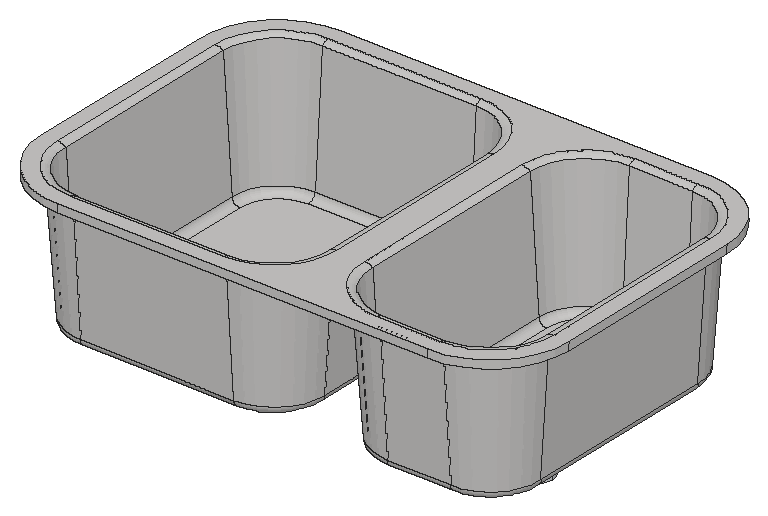
Revit family "Plum Fix_Sink_Argent_Tempo Main & 3-4 Bowls 670", category Plumbing Fixtures, Revit 2016
Family settings
  Part Type = Normal
  Round Connector Dimension = Use Diameter
  OmniClass Number = 23.45.05.14.14
  OmniClass Title = Sinks/Lavatories
  Work Plane-Based = No
  Always vertical = Yes
  Cut with Voids When Loaded = Yes
  Shared = No
  Room Calculation Point = No
Parameters (values of type "Top Mount")
  Waste Connection = yes
  WFU = 0
  Vent Connection = no
  URL = "https://www.argentaust.com.au/"
  Type Comments = "304 Stainless Steel Silk Mid Level Polish"
  ModifiedIssue_ANZRS = 20190503
  Body Material = z_Argent_Stainless Steel
  Right Sink = Manufacturer_Overall Width - 430 mm  # 240 mm
  Model = "KS3067220"  # constant formula
  Manufacturer_URL__Product Specific = "https://www.argentaust.com.au/argent-sinks-top-mount-no-drainer-tempo-670-1-34-sink?item=8611"
  Manufacturer_Spec Code = Model  # "KS3067220"
  Manufacturer_Overall Width = 670 mm  # constant formula
  Manufacturer_Overall Height = 180 mm  # constant formula
  Manufacturer_Overall Depth = 450 mm  # constant formula
  Manufacturer_Height From FFL [instance] = 900 mm
  Manufacturer = "Argent"  # constant formula
  Keynote = ""
  HWFU = 0
  HW Connection = no
  CreatedBy_ANZRS = "IGS BIM Solutions"  # constant formula
  CreatedByURL_ANZRS = "http://www.igsgroup.com.au"
  Description = "Low profile Edge, Silk Mid Level Polish, Top & Under Mount, Minimum Carcass Size 700, 26/17 Litre"  # constant formula
  Cost = 0
  CWFU = 0
  CW Connection = no
  Assembly Code = ""
Reference planes
  plane 1 "Center (Front/Back)": y = -132.5
  plane 2 "Ref. Level": z = 0
  plane 3 "Front": y = -357.5
  plane 4 "Back": y = 92.5
  plane 5 "Center (Left/Right)": x = -4.48
  plane 6 "Left": x = -339.48
  plane 7 "Right": x = 330.52
  plane 8 "Top": z = 905
  plane 9 "Back Offset": y = 72.5
  plane 10 "Front Offset": y = -337.5
  plane 11 "Left Offset": x = -319.48
  plane 12 "Right Offset": x = 310.52
  plane 13 "Bottom": z = 725
  plane 14 "Left Sink": x = 35.52
  plane 15 "Right Sink": x = 70.52
  plane 16 "Right Sink Centre": x = 190.52
  plane 17 "Left Sink Centre": x = -141.98
  plane 18: z = 900
Forms (mm)
  Extrusion 1, solid, material "z_Argent_Stainless Steel" <- "Body Material"
    sketch origin (-189.564, -1524, 100) x (-1, 0, 0) y (0, -1, 0)
      loop
        arc (49.916, -1616.5) -> (120.627, -1587.211) -> (149.916, -1516.5) r 100
        line (149.916, -1516.5) -> (149.916, -1266.5)
        arc (149.916, -1266.5) -> (120.627, -1195.789) -> (49.916, -1166.5) r 100
        line (49.916, -1166.5) -> (-420.084, -1166.5)
        arc (-420.084, -1166.5) -> (-490.795, -1195.789) -> (-520.084, -1266.5) r 100
        line (-520.084, -1266.5) -> (-520.084, -1516.5)
        arc (-520.084, -1516.5) -> (-490.795, -1587.211) -> (-420.084, -1616.5) r 100
        line (-420.084, -1616.5) -> (49.916, -1616.5)
      loop
        line (-420.084, -1596.5) -> (-340.084, -1596.5)
        arc (-340.084, -1596.5) -> (-283.515, -1573.069) -> (-260.084, -1516.5) r 80
        line (-260.084, -1516.5) -> (-260.084, -1266.5)
        arc (-260.084, -1266.5) -> (-283.515, -1209.931) -> (-340.084, -1186.5) r 80
        line (-340.084, -1186.5) -> (-420.084, -1186.5)
        arc (-420.084, -1186.5) -> (-476.653, -1209.931) -> (-500.084, -1266.5) r 80
        line (-500.084, -1266.5) -> (-500.084, -1516.5)
        arc (-500.084, -1516.5) -> (-476.653, -1573.069) -> (-420.084, -1596.5) r 80
      loop
        arc (49.916, -1596.5) -> (106.485, -1573.069) -> (129.916, -1516.5) r 80
        line (129.916, -1516.5) -> (129.916, -1266.5)
        arc (129.916, -1266.5) -> (106.485, -1209.931) -> (49.916, -1186.5) r 80
        line (49.916, -1186.5) -> (-145.084, -1186.5)
        arc (-145.084, -1186.5) -> (-201.653, -1209.931) -> (-225.084, -1266.5) r 80
        line (-225.084, -1266.5) -> (-225.084, -1516.5)
        arc (-225.084, -1516.5) -> (-201.653, -1573.069) -> (-145.084, -1596.5) r 80
        line (-145.084, -1596.5) -> (49.916, -1596.5)
    from 795 to 805
  Sweep 2, solid, material "z_Argent_Stainless Steel" <- "Body Material"
    path origin (-218.54, -1524, 725) x (-1, 0, 0) y (0, -1, 0)
      loop
        arc (100.94, -1266.5) -> (77.508, -1209.931) -> (20.94, -1186.5) r 80
        line (20.94, -1186.5) -> (-174.06, -1186.5)
        arc (-174.06, -1186.5) -> (-230.629, -1209.931) -> (-254.06, -1266.5) r 80
        line (-254.06, -1266.5) -> (-254.06, -1516.5)
        arc (-254.06, -1516.5) -> (-230.629, -1573.069) -> (-174.06, -1596.5) r 80
        line (-174.06, -1596.5) -> (20.94, -1596.5)
        arc (20.94, -1596.5) -> (77.508, -1573.069) -> (100.94, -1516.5) r 80
        line (100.94, -1516.5) -> (100.94, -1266.5)
    profile origin (-319.48, -132.5, 725) x (-1, 0, 0) y (0, 0, 1)
      loop
        line (4.663, 170) -> (15, 170) -> (15, 180) -> (0, 180)
        arc (0, 180) -> (-5.337, 179.018) -> (-9.976, 176.202) r 15
        line (-9.976, 176.202) -> (-20.912, 14.302)
        arc (-20.912, 14.302) -> (-24.068, 7.686) -> (-30.887, 5) r 10
        line (-30.887, 5) -> (-40, 5) -> (-40, 0) -> (-26.225, 0)
        arc (-26.225, 0) -> (-19.405, 2.686) -> (-16.249, 9.302) r 10
        line (-16.249, 9.302) -> (-5.313, 160.698)
        arc (-5.313, 160.698) -> (-2.157, 167.314) -> (4.663, 170) r 10
  Sweep 3, solid, material "z_Argent_Stainless Steel" <- "Body Material"
    path origin (289.58, -1524, 725) x (1, 0, 0) y (0, 1, 0)
      loop
        line (20.94, 1266.5) -> (20.94, 1516.5)
        arc (20.94, 1516.5) -> (-2.492, 1573.069) -> (-59.06, 1596.5) r 80
        line (-59.06, 1596.5) -> (-139.06, 1596.5)
        arc (-139.06, 1596.5) -> (-195.629, 1573.069) -> (-219.06, 1516.5) r 80
        line (-219.06, 1516.5) -> (-219.06, 1266.5)
        arc (-219.06, 1266.5) -> (-195.629, 1209.931) -> (-139.06, 1186.5) r 80
        line (-139.06, 1186.5) -> (-59.06, 1186.5)
        arc (-59.06, 1186.5) -> (-2.492, 1209.931) -> (20.94, 1266.5) r 80
    profile origin (310.52, -132.5, 725) x (-1, 0, 0) y (0, 0, 1)
      loop
        arc (-4.663, 170) -> (2.157, 167.314) -> (5.313, 160.698) r 10
        line (5.313, 160.698) -> (16.249, 9.302)
        arc (16.249, 9.302) -> (19.405, 2.686) -> (26.225, 0) r 10
        line (26.225, 0) -> (40, 0) -> (40, 5) -> (30.887, 5)
        arc (30.887, 5) -> (24.068, 7.686) -> (20.912, 14.302) r 10
        line (20.912, 14.302) -> (9.976, 176.202)
        arc (9.976, 176.202) -> (5.337, 179.018) -> (0, 180) r 15
        line (0, 180) -> (-15, 180) -> (-15, 170) -> (-4.663, 170)
  Extrusion 4, solid, material "z_Argent_Stainless Steel" <- "Body Material"
    sketch origin (-218.54, -1524, 725) x (-1, 0, 0) y (0, -1, 0)
      loop
        arc (60.94, -1266.5) -> (49.224, -1238.216) -> (20.94, -1226.5) r 40
        line (20.94, -1226.5) -> (-174.06, -1226.5)
        arc (-174.06, -1226.5) -> (-202.345, -1238.216) -> (-214.06, -1266.5) r 40
        line (-214.06, -1266.5) -> (-214.06, -1516.5)
        arc (-214.06, -1516.5) -> (-202.345, -1544.784) -> (-174.06, -1556.5) r 40
        line (-174.06, -1556.5) -> (20.94, -1556.5)
        arc (20.94, -1556.5) -> (49.224, -1544.784) -> (60.94, -1516.5) r 40
        line (60.94, -1516.5) -> (60.94, -1266.5)
      loop
        circle (-76.56, -1391.5) r 45
    from 0 to 5
  Extrusion 5, solid, material "z_Argent_Stainless Steel" <- "Body Material"
    sketch origin (-218.54, -1524, 725) x (-1, 0, 0) y (0, -1, 0)
      loop
        arc (-329.06, -1266.5) -> (-340.776, -1238.216) -> (-369.06, -1226.5) r 40
        line (-369.06, -1226.5) -> (-449.06, -1226.5)
        arc (-449.06, -1226.5) -> (-477.345, -1238.216) -> (-489.06, -1266.5) r 40
        line (-489.06, -1266.5) -> (-489.06, -1516.5)
        arc (-489.06, -1516.5) -> (-477.345, -1544.784) -> (-449.06, -1556.5) r 40
        line (-449.06, -1556.5) -> (-369.06, -1556.5)
        arc (-369.06, -1556.5) -> (-340.776, -1544.784) -> (-329.06, -1516.5) r 40
        line (-329.06, -1516.5) -> (-329.06, -1266.5)
      loop
        circle (-409.06, -1391.5) r 45
    from 0 to 5
  Extrusion 6, void
    sketch origin (-189.564, -1524, 0) x (-1, 0, 0) y (0, -1, 0)
      loop
        arc (49.916, -1606.5) -> (113.556, -1580.14) -> (139.916, -1516.5) r 90
        line (139.916, -1516.5) -> (139.916, -1266.5)
        arc (139.916, -1266.5) -> (113.556, -1202.86) -> (49.916, -1176.5) r 90
        line (49.916, -1176.5) -> (-420.084, -1176.5)
        arc (-420.084, -1176.5) -> (-483.724, -1202.86) -> (-510.084, -1266.5) r 90
        line (-510.084, -1266.5) -> (-510.084, -1516.5)
        arc (-510.084, -1516.5) -> (-483.724, -1580.14) -> (-420.084, -1606.5) r 90
        line (-420.084, -1606.5) -> (49.916, -1606.5)
    from 716.531 to 945.399
Cuts and joins
  joined: Extrusion 1, Sweep 2, Sweep 3, Extrusion 4, Extrusion 5
Lines and regions (mm)
  Masking region 1
    outline origin (0, 0, 905) x (0, -1, 0) y (1, 0, 0)
      loop
        line (7.5, -339.48) -> (257.5, -339.48)
        arc (257.5, -339.48) -> (328.211, -310.191) -> (357.5, -239.48) r 100
        line (357.5, -239.48) -> (357.5, 230.52)
        arc (357.5, 230.52) -> (328.211, 301.231) -> (257.5, 330.52) r 100
        line (257.5, 330.52) -> (7.5, 330.52)
        arc (7.5, 330.52) -> (-63.211, 301.231) -> (-92.5, 230.52) r 100
        line (-92.5, 230.52) -> (-92.5, -239.48)
        arc (-92.5, -239.48) -> (-63.211, -310.191) -> (7.5, -339.48) r 100
  Masking region 2
    outline origin (-4.48, 0, 0) x (0, 1, 0) y (0, 0, 1)
      loop
        line (-311.256, 725) -> (46.256, 725)
        arc (46.256, 725) -> (53.076, 727.686) -> (56.232, 734.302) r 10
        line (56.232, 734.302) -> (67.168, 890.698)
        arc (67.168, 890.698) -> (70.324, 897.314) -> (77.144, 900) r 10
        line (77.144, 900) -> (92.5, 900) -> (92.5, 905) -> (-357.5, 905) -> (-357.5, 900) -> (-342.144, 900)
        arc (-342.144, 900) -> (-335.324, 897.314) -> (-332.168, 890.698) r 10
        line (-332.168, 890.698) -> (-321.232, 734.302)
        arc (-321.232, 734.302) -> (-318.076, 727.686) -> (-311.256, 725) r 10
  Masking region 3
    outline origin (0, -357.5, 0) x (-1, 0, 0) y (0, 0, 1)
      loop
        arc (314.169, 885.698) -> (317.324, 892.314) -> (324.144, 895) r 10
        line (324.144, 895) -> (339.48, 895) -> (339.48, 905) -> (-330.52, 905) -> (-330.52, 895) -> (-315.184, 895)
        arc (-315.184, 895) -> (-308.364, 892.314) -> (-305.209, 885.698) r 10
        line (-305.209, 885.698) -> (-294.273, 734.302)
        arc (-294.273, 734.302) -> (-291.117, 727.686) -> (-284.297, 725) r 10
        line (-284.297, 725) -> (-96.743, 725)
        arc (-96.743, 725) -> (-89.923, 727.686) -> (-86.768, 734.302) r 10
        line (-86.768, 734.302) -> (-75.831, 885.698)
        arc (-75.831, 885.698) -> (-72.676, 892.314) -> (-65.856, 895) r 10
        line (-65.856, 895) -> (-40.184, 895)
        arc (-40.184, 895) -> (-33.364, 892.314) -> (-30.209, 885.698) r 10
        line (-30.209, 885.698) -> (-19.273, 734.302)
        arc (-19.273, 734.302) -> (-16.117, 727.686) -> (-9.297, 725) r 10
        line (-9.297, 725) -> (293.257, 725)
        arc (293.257, 725) -> (300.077, 727.686) -> (303.232, 734.302) r 10
        line (303.232, 734.302) -> (314.169, 885.698)
  symbolic lines, style "Sinks/Lavatories", detail levels medium+fine
    curve 1: arc (-319.48, -7.5, 905) -> (-296.049, 49.069, 905) -> (-239.48, 72.5, 905) r 80
    curve 2: line (-239.48, 72.5, 905) -> (-44.48, 72.5, 905)
    curve 3: line (35.52, -7.5, 905) -> (35.52, -257.5, 905)
    curve 4: line (-44.48, -337.5, 905) -> (-239.48, -337.5, 905)
    curve 5: arc (-239.48, -337.5, 905) -> (-296.049, -314.069, 905) -> (-319.48, -257.5, 905) r 80
    curve 6: line (-319.48, -257.5, 905) -> (-319.48, -7.5, 905)
    curve 7: arc (70.52, -7.5, 905) -> (93.951, 49.069, 905) -> (150.52, 72.5, 905) r 80
    curve 8: line (150.52, 72.5, 905) -> (230.52, 72.5, 905)
    curve 9: arc (230.52, 72.5, 905) -> (287.089, 49.069, 905) -> (310.52, -7.5, 905) r 80
    curve 10: line (310.52, -7.5, 905) -> (310.52, -257.5, 905)
    curve 11: arc (310.52, -257.5, 905) -> (287.089, -314.069, 905) -> (230.52, -337.5, 905) r 80
    curve 12: line (230.52, -337.5, 905) -> (150.52, -337.5, 905)
    curve 13: arc (150.52, -337.5, 905) -> (93.951, -314.069, 905) -> (70.52, -257.5, 905) r 80
    curve 14: line (70.52, -257.5, 905) -> (70.52, -7.5, 905)
    curve 15: line (-339.48, -357.5, 905) -> (330.52, -357.5, 905)
    curve 16: line (-339.48, -357.5, 900) -> (-339.48, -357.5, 905)
    curve 17: line (330.52, -357.5, 900) -> (-339.48, -357.5, 900)
    curve 18: line (330.52, -357.5, 905) -> (330.52, -357.5, 900)
    curve 19: line (-4.48, -357.5, 905) -> (-4.48, 92.5, 905)
    curve 20: line (-4.48, -357.5, 900) -> (-4.48, -357.5, 905)
    curve 21: line (-4.48, 92.5, 900) -> (-4.48, -357.5, 900)
    curve 22: line (-4.48, 92.5, 905) -> (-4.48, 92.5, 900)
    curve 23: arc (35.52, -7.5, 905) -> (12.089, 49.069, 905) -> (-44.48, 72.5, 905) r 80
    curve 24: arc (-44.48, -337.5, 905) -> (12.089, -314.069, 905) -> (35.52, -257.5, 905) r 80
Text (mm)
  text "Disclaimer:\n\nDue to ongoing product development and manufacturing evolution, product details are subject to change without notice. Please refer to product technical data sheets on the manufacturer’s website for the most current product information. Please allow a +/- 5mm manufacturing tolerance for dimensions and set-outs shown in product literature." at (474.582, 18.661, 0), in view "Ref. Level_Instruction"
Dimensions and locks
  equal spacing: plane 3 "Front", plane 1 "Center (Front/Back)", plane 4 "Back"
  equal spacing: plane 6 "Left", plane 5 "Center (Left/Right)", plane 7 "Right"
  "Manufacturer_Overall Depth": plane 3 "Front" to plane 4 "Back"
  "Manufacturer_Overall Width": plane 6 "Left" to plane 7 "Right"
  "Manufacturer_Height From FFL": plane 18 to plane 2 "Ref. Level"
  locked: plane 6 "Left" to plane 11 "Left Offset" at 20
  locked: plane 12 "Right Offset" to plane 7 "Right" at 20
  locked: plane 9 "Back Offset" to plane 4 "Back" at 20
  locked: plane 3 "Front" to plane 10 "Front Offset" at 20
  "Manufacturer_Overall Height": plane 8 "Top" to plane 13 "Bottom"
  locked: plane 14 "Left Sink" to plane 15 "Right Sink" at 35
  "Right Sink": plane 15 "Right Sink" to plane 12 "Right Offset"
  equal spacing: Extrusion 4 sketch curve, Extrusion 4 sketch curve, Extrusion 4 sketch curve
  equal spacing: Extrusion 5 sketch curve, Extrusion 5 sketch curve, Extrusion 5 sketch curve
  plane 11 "Left Offset" to plane 14 "Left Sink" = 355 mm
  equal spacing: plane 11 "Left Offset", plane 17 "Left Sink Centre", plane 14 "Left Sink"
  equal spacing: plane 15 "Right Sink", plane 16 "Right Sink Centre", plane 12 "Right Offset"
  locked: plane 8 "Top" to plane 18 at 5
  radius of Extrusion 1 sketch curve = 80 mm  (x8)
  aligned and locked: plane 4 "Back" to Extrusion 1 sketch curve
  aligned and locked: plane 6 "Left" to Extrusion 1 sketch curve
  aligned and locked: Extrusion 1 sketch curve to plane 3 "Front"
  aligned and locked: plane 7 "Right" to Extrusion 1 sketch curve
  aligned and locked: Extrusion 1 sketch curve to plane 11 "Left Offset"
  aligned and locked: plane 9 "Back Offset" to Extrusion 1 sketch curve  (x2)
  aligned and locked: Extrusion 1 sketch curve to plane 10 "Front Offset"  (x2)
  aligned and locked: plane 12 "Right Offset" to Extrusion 1 sketch curve
  aligned and locked: plane 8 "Top" to Extrusion 1
  aligned and locked: Sweep 2 sketch curve to Extrusion 1  (x4)
  aligned and locked: plane 14 "Left Sink" to Extrusion 1 sketch curve
  aligned and locked: plane 15 "Right Sink" to Extrusion 1 sketch curve
  aligned and locked: Extrusion 4 to plane 13 "Bottom"
  aligned and locked: plane 3 "Front" to Masking region 2 sketch curve
  aligned and locked: plane 4 "Back" to Masking region 2 sketch curve
  aligned and locked: Extrusion 5 sketch curve to cut or joined group of Extrusion 1, Sweep 2, Sweep 3, Extrusion 4, Extrusion 5  (x2)
  aligned and locked: Extrusion 4 sketch curve to Sweep 2  (x3)
  aligned and locked: Masking region 1 sketch curve to cut or joined group of Extrusion 1, Sweep 2, Sweep 3, Extrusion 4, Extrusion 5  (x2)
  aligned and locked: Masking region 3 sketch curve to plane 13 "Bottom"
  aligned and locked: Masking region 3 sketch curve to cut or joined group of Extrusion 1, Sweep 2, Sweep 3, Extrusion 4, Extrusion 5  (x3)
  aligned and locked: Masking region 3 sketch curve to curve 18
  aligned and locked: cut or joined group of Extrusion 1, Sweep 2, Sweep 3, Extrusion 4, Extrusion 5 to Masking region 3 sketch curve  (x2)
  aligned and locked: Masking region 3 sketch curve to plane 6 "Left"
  aligned and locked: Sweep 2 sketch curve to cut or joined group of Extrusion 1, Sweep 2, Sweep 3, Extrusion 4, Extrusion 5  (x2)
  aligned and locked: cut or joined group of Extrusion 1, Sweep 2, Sweep 3, Extrusion 4, Extrusion 5 to Sweep 3 sketch curve  (x2)
  aligned and locked: cut or joined group of Extrusion 1, Sweep 2, Sweep 3, Extrusion 4, Extrusion 5 to nested 1
  aligned and locked: plane 16 "Right Sink Centre" to nested 1
  aligned and locked: plane 1 "Center (Front/Back)" to nested 1
  aligned and locked: plane 17 "Left Sink Centre" to nested 2
  aligned and locked: nested 2 to nested 1
  aligned and locked: plane 18 to curve 17
Automatic sketch dimensions
  Extrusion 1 sketch curve to Extrusion 1 sketch curve = 0 mm  (x4)
  Sweep 3 sketch curve to plane 15 "Right Sink" = 0 mm
  Sweep 3 sketch curve to plane 10 "Front Offset" = 0 mm
  Sweep 3 sketch curve to plane 9 "Back Offset" = 0 mm
  Sweep 3 sketch curve to plane 12 "Right Offset" = 0 mm
  Sweep 3 sketch curve to Sweep 3 sketch curve = 80 mm  (x2)
  Sweep 3 sketch curve to plane 15 "Right Sink" = 80 mm
  Sweep 3 sketch curve to plane 9 "Back Offset" = 80 mm
  plane 7 "Right" to curve 15 = 0 mm
  curve 17 to plane 6 "Left" = 0 mm
  curve 16 to plane 8 "Top" = 0 mm
  curve 21 to plane 3 "Front" = 0 mm
  curve 21 to plane 4 "Back" = 0 mm
  curve 20 to plane 8 "Top" = 0 mm
  curve 22 to plane 8 "Top" = 5 mm
  curve 8 to plane 9 "Back Offset" = 0 mm
  curve 1 to plane 9 "Back Offset" = 0 mm
  curve 14 to plane 15 "Right Sink" = 0 mm
  curve 23 to plane 14 "Left Sink" = 0 mm
  curve 9 to plane 12 "Right Offset" = 0 mm
  curve 6 to plane 11 "Left Offset" = 0 mm
  curve 12 to plane 10 "Front Offset" = 0 mm
  curve 5 to plane 10 "Front Offset" = 0 mm
  curve 23 to plane 5 "Center (Left/Right)" = 40 mm
  curve 3 to curve 14 = 0 mm
  curve 6 to plane 9 "Back Offset" = 80 mm
  curve 10 to plane 9 "Back Offset" = 80 mm
  plane 10 "Front Offset" to curve 14 = 80 mm
  curve 3 to curve 13 = 0 mm
  plane 16 "Right Sink Centre" to curve 11 = 40 mm
  plane 10 "Front Offset" to curve 5 = 80 mm
  Sweep 2 sketch curve to plane 13 "Bottom" = 0 mm
  Sweep 2 sketch curve to profile plane = 0 mm
  profile plane to Sweep 2 sketch curve = 5.313 mm
  Sweep 2 sketch curve to Sweep 2 sketch curve = 4.663 mm  (x3)
  plane 13 "Bottom" to Sweep 2 sketch curve = 9.302 mm
  profile plane to Sweep 2 sketch curve = 16.249 mm
  Sweep 2 sketch curve to Sweep 2 sketch curve = 5.313 mm
  plane 13 "Bottom" to Sweep 2 sketch curve = 5 mm
  Sweep 2 sketch curve to Sweep 2 sketch curve = 9.113 mm
  Sweep 2 sketch curve to profile plane = 4.663 mm
  Sweep 2 sketch curve to Sweep 2 sketch curve = 10.337 mm
  Sweep 2 sketch curve to Sweep 2 sketch curve = 4.302 mm  (x2)
  Sweep 2 sketch curve to Sweep 2 sketch curve = 10 mm
  Sweep 3 sketch curve to profile plane = 0 mm
  Sweep 3 sketch curve to plane 13 "Bottom" = 0 mm
  profile plane to Sweep 3 sketch curve = 4.663 mm
  Sweep 3 sketch curve to Sweep 3 sketch curve = 10.337 mm
  Sweep 3 sketch curve to profile plane = 5.313 mm
  Sweep 3 sketch curve to Sweep 3 sketch curve = 4.663 mm  (x3)
  plane 13 "Bottom" to Sweep 3 sketch curve = 9.302 mm
  Sweep 3 sketch curve to profile plane = 16.249 mm
  Sweep 3 sketch curve to Sweep 3 sketch curve = 5.313 mm
  Sweep 3 sketch curve to Sweep 3 sketch curve = 9.113 mm
  plane 13 "Bottom" to Sweep 3 sketch curve = 5 mm
  Sweep 3 sketch curve to Sweep 3 sketch curve = 4.302 mm  (x2)
  Sweep 3 sketch curve to Sweep 3 sketch curve = 10 mm
  plane 1 "Center (Front/Back)" to Extrusion 4 sketch curve = 0 mm
  Extrusion 4 sketch curve to Extrusion 4 sketch curve = 40 mm  (x2)
  plane 1 "Center (Front/Back)" to Extrusion 5 sketch curve = 0 mm
  plane 16 "Right Sink Centre" to Extrusion 5 sketch curve = 40 mm  (x2)
  Extrusion 5 sketch curve to plane 16 "Right Sink Centre" = 40 mm
  Extrusion 5 sketch curve to Extrusion 5 sketch curve = 40 mm
  Extrusion 5 sketch curve to plane 9 "Back Offset" = 80 mm
  plane 10 "Front Offset" to Extrusion 5 sketch curve = 80 mm
  Masking region 2 sketch curve to plane 13 "Bottom" = 0 mm
  Masking region 2 sketch curve to plane 8 "Top" = 0 mm
  Masking region 2 sketch curve to plane 10 "Front Offset" = 4.644 mm
  plane 10 "Front Offset" to Masking region 2 sketch curve = 5.332 mm
  plane 13 "Bottom" to Masking region 2 sketch curve = 9.302 mm  (x2)
  plane 10 "Front Offset" to Masking region 2 sketch curve = 16.268 mm
  Masking region 2 sketch curve to Masking region 2 sketch curve = 9.976 mm  (x2)
  Masking region 2 sketch curve to plane 9 "Back Offset" = 26.244 mm
  Masking region 2 sketch curve to plane 9 "Back Offset" = 5.332 mm
  plane 9 "Back Offset" to Masking region 2 sketch curve = 4.644 mm
  Masking region 2 sketch curve to plane 8 "Top" = 15 mm  (x2)
  Masking region 2 sketch curve to Masking region 2 sketch curve = 0.698 mm  (x2)
  plane 12 "Right Offset" to Masking region 3 sketch curve = 4.664 mm
  Masking region 3 sketch curve to plane 12 "Right Offset" = 5.311 mm
  plane 13 "Bottom" to Masking region 3 sketch curve = 9.302 mm  (x4)
  Masking region 3 sketch curve to plane 12 "Right Offset" = 16.248 mm
  Masking region 3 sketch curve to Masking region 3 sketch curve = 9.976 mm  (x3)
  plane 13 "Bottom" to Masking region 3 sketch curve = 10 mm
  Masking region 3 sketch curve to plane 15 "Right Sink" = 26.223 mm
  Masking region 3 sketch curve to plane 15 "Right Sink" = 5.311 mm
  plane 15 "Right Sink" to Masking region 3 sketch curve = 4.664 mm
  Masking region 3 sketch curve to plane 14 "Left Sink" = 4.664 mm
  plane 14 "Left Sink" to Masking region 3 sketch curve = 5.311 mm
  plane 14 "Left Sink" to Masking region 3 sketch curve = 16.248 mm
  plane 11 "Left Offset" to Masking region 3 sketch curve = 26.223 mm
  plane 11 "Left Offset" to Masking region 3 sketch curve = 5.311 mm
  Masking region 3 sketch curve to plane 11 "Left Offset" = 4.664 mm
  Masking region 3 sketch curve to Masking region 3 sketch curve = 10 mm  (x4)
  plane 4 "Back" to Masking region 1 sketch curve = 0 mm
  plane 3 "Front" to Masking region 1 sketch curve = 0 mm
  Masking region 1 sketch curve to plane 9 "Back Offset" = 80 mm
  plane 16 "Right Sink Centre" to Masking region 1 sketch curve = 40 mm  (x2)
  plane 10 "Front Offset" to Masking region 1 sketch curve = 80 mm
  plane 7 "Right" to Extrusion 6 sketch curve = 10 mm
  plane 11 "Left Offset" to Extrusion 6 sketch curve = 80 mm
  plane 6 "Left" to Extrusion 6 sketch curve = 10 mm
  Extrusion 6 sketch curve to plane 9 "Back Offset" = 80 mm
  plane 4 "Back" to Extrusion 6 sketch curve = 10 mm
  plane 16 "Right Sink Centre" to Extrusion 6 sketch curve = 40 mm  (x2)
  Extrusion 6 sketch curve to plane 3 "Front" = 10 mm
  radius of Extrusion 4 sketch curve = 45 mm
  radius of Extrusion 5 sketch curve = 45 mm
Nested families
  nested 1: "z.PlumFix_Waste_90mm Basket" at (195, -166.5, 550.092), type "90x50 Basket Waste 50mm Long STD", detail levels medium+fine
    with Manufacturer_Height From FFL 100 mm, ModifiedIssue_ANZRS 20190503
  nested 2: "z.PlumFix_Waste_90mm Basket" at (-137.5, -166.5, 550.092), type "90x50 Basket Waste 50mm Long STD", detail levels medium+fine
    with Manufacturer_Height From FFL 100 mm, ModifiedIssue_ANZRS 20190503
Connectors
  piping at (-141.98, -132.5, 650.092), diameter 50, driven by "Waste Connection"
    settings: on nested 2, index 3, connector inside diameter 609.6 mm, connector length 0 mm, flow factor 0, pipe flow 0.000 L/s, pressure drop 0.0 Pa, fitting loss kfactor 0, connector angle 0.00°, fixture units 0, engagement length 0 mm, angle of deflection 0.00°, flow configuration 2, flow direction 2, fitting loss method 4, system type 16, joint type 0, gender type 0, connector reference index -1, connector utility 1, adjustable connector no, is connector primary yes, connector description "Waste Outlet"
  piping at (190.52, -132.5, 650.092), diameter 50, driven by "Waste Connection"
    settings: on nested 1, index 4, connector inside diameter 609.6 mm, connector length 0 mm, flow factor 0, pipe flow 0.000 L/s, pressure drop 0.0 Pa, fitting loss kfactor 0, connector angle 0.00°, fixture units 0, engagement length 0 mm, angle of deflection 0.00°, flow configuration 2, flow direction 2, fitting loss method 4, system type 16, joint type 0, gender type 0, connector reference index -1, connector utility 1, adjustable connector no, is connector primary no, connector description "Waste Outlet"
Definition of nested family "z.PlumFix_Waste_90mm Basket"
  Parameters (values of type "90x50 Basket Waste 50mm Long STD")
    Waste Connection = yes
    WFU = 0
    Vent Connection = no
    URL = "https://www.argentaust.com.au/"
    Type Comments = ""
    ModifiedIssue_ANZRS = 20180826
    Body Material = none
    Outlet Dia = 50.00 mm
    Model = ""
    Manufacturer_Overall Width = 117 mm  # constant formula
    Manufacturer_Overall Height = 87 mm  # constant formula
    Manufacturer_Overall Depth = 117 mm  # constant formula
    Manufacturer_Height From FFL [instance] = 0 mm
    Manufacturer = "Argent"  # constant formula
    Keynote = ""
    HWFU = 0
    HW Connection = no
    CreatedBy_ANZRS = "IGS BIM Solutions"  # constant formula
    CreatedByURL_ANZRS = "https://www.igsgroup.com.au"
    Cover Material = none
    Description = ""
    Cost = 0
    CWFU = 0
    CW Connection = yes
    Assembly Code = ""
  Reference planes
    plane 1 "Center (Front/Back)": y = 34
    plane 2 "Ref. Level": z = 0
    plane 3 "Front": y = -24.5
    plane 4 "Back": y = 92.5
    plane 5 "Center (Left/Right)": x = -4.48
    plane 6 "Left": x = -62.98
    plane 7 "Right": x = 54.02
    plane 8 "Bottom": z = 0
    plane 9 "STD Right": x = 20.52
    plane 10 "STD Left": x = -29.48
    plane 11 "Top": z = 87
    plane 12 "Sink Ref": z = 79.908
  Forms (mm)
    Revolve 1, solid, material <- "Body Material"
      sketch origin (0, 34, 100) x (1, 0, 0) y (0, 0, 1)
        loop
          arc (34.63, -20.327) -> (26.071, -24.672) -> (16.551, -25.902) r 28.271
          arc (16.551, -25.902) -> (14.984, -26.145) -> (13.63, -26.97) r 4.064
          line (13.63, -26.97) -> (13.63, -28.561)
          arc (13.63, -28.561) -> (14.83, -27.317) -> (16.509, -26.901) r 3.127
          arc (16.509, -26.901) -> (26.012, -25.734) -> (34.63, -21.562) r 29.271
          line (34.63, -21.562) -> (34.63, -20.327)
        axis (-4.48, -20.327) -> (-4.48, -28.561)
      angle from 2 to 16
    Revolve 2, solid, material <- "Body Material"
      sketch origin (0, 34, 100) x (1, 0, 0) y (0, 0, 1)
        loop
          arc (34.63, -20.327) -> (26.071, -24.672) -> (16.551, -25.902) r 28.271
          arc (16.551, -25.902) -> (14.984, -26.145) -> (13.63, -26.97) r 4.064
          line (13.63, -26.97) -> (13.63, -28.561)
          arc (13.63, -28.561) -> (14.83, -27.317) -> (16.509, -26.901) r 3.127
          arc (16.509, -26.901) -> (26.012, -25.734) -> (34.63, -21.562) r 29.271
          line (34.63, -21.562) -> (34.63, -20.327)
        axis (-4.48, -20.327) -> (-4.48, -28.561)
      angle from 20 to 34
    Revolve 3, solid, material <- "Body Material"
      sketch origin (0, 34, 100) x (1, 0, 0) y (0, 0, 1)
        loop
          arc (34.63, -20.327) -> (26.071, -24.672) -> (16.551, -25.902) r 28.271
          arc (16.551, -25.902) -> (14.984, -26.145) -> (13.63, -26.97) r 4.064
          line (13.63, -26.97) -> (13.63, -28.561)
          arc (13.63, -28.561) -> (14.83, -27.317) -> (16.509, -26.901) r 3.127
          arc (16.509, -26.901) -> (26.012, -25.734) -> (34.63, -21.562) r 29.271
          line (34.63, -21.562) -> (34.63, -20.327)
        axis (-4.48, -20.327) -> (-4.48, -28.561)
      angle from 38 to 52
    Revolve 4, solid, material <- "Body Material"
      sketch origin (0, 34, 100) x (1, 0, 0) y (0, 0, 1)
        loop
          arc (34.63, -20.327) -> (26.071, -24.672) -> (16.551, -25.902) r 28.271
          arc (16.551, -25.902) -> (14.984, -26.145) -> (13.63, -26.97) r 4.064
          line (13.63, -26.97) -> (13.63, -28.561)
          arc (13.63, -28.561) -> (14.83, -27.317) -> (16.509, -26.901) r 3.127
          arc (16.509, -26.901) -> (26.012, -25.734) -> (34.63, -21.562) r 29.271
          line (34.63, -21.562) -> (34.63, -20.327)
        axis (-4.48, -20.327) -> (-4.48, -28.561)
      angle from 56 to 70
    Revolve 5, solid, material <- "Body Material"
      sketch origin (0, 34, 100) x (1, 0, 0) y (0, 0, 1)
        loop
          arc (34.63, -20.327) -> (26.071, -24.672) -> (16.551, -25.902) r 28.271
          arc (16.551, -25.902) -> (14.984, -26.145) -> (13.63, -26.97) r 4.064
          line (13.63, -26.97) -> (13.63, -28.561)
          arc (13.63, -28.561) -> (14.83, -27.317) -> (16.509, -26.901) r 3.127
          arc (16.509, -26.901) -> (26.012, -25.734) -> (34.63, -21.562) r 29.271
          line (34.63, -21.562) -> (34.63, -20.327)
        axis (-4.48, -20.327) -> (-4.48, -28.561)
      angle from 74 to 88
    Revolve 6, solid, material <- "Body Material"
      sketch origin (0, 34, 100) x (1, 0, 0) y (0, 0, 1)
        loop
          arc (34.63, -20.327) -> (26.071, -24.672) -> (16.551, -25.902) r 28.271
          arc (16.551, -25.902) -> (14.984, -26.145) -> (13.63, -26.97) r 4.064
          line (13.63, -26.97) -> (13.63, -28.561)
          arc (13.63, -28.561) -> (14.83, -27.317) -> (16.509, -26.901) r 3.127
          arc (16.509, -26.901) -> (26.012, -25.734) -> (34.63, -21.562) r 29.271
          line (34.63, -21.562) -> (34.63, -20.327)
        axis (-4.48, -20.327) -> (-4.48, -28.561)
      angle from 92 to 106
    Revolve 7, solid, material <- "Body Material"
      sketch origin (0, 34, 100) x (1, 0, 0) y (0, 0, 1)
        loop
          arc (34.63, -20.327) -> (26.071, -24.672) -> (16.551, -25.902) r 28.271
          arc (16.551, -25.902) -> (14.984, -26.145) -> (13.63, -26.97) r 4.064
          line (13.63, -26.97) -> (13.63, -28.561)
          arc (13.63, -28.561) -> (14.83, -27.317) -> (16.509, -26.901) r 3.127
          arc (16.509, -26.901) -> (26.012, -25.734) -> (34.63, -21.562) r 29.271
          line (34.63, -21.562) -> (34.63, -20.327)
        axis (-4.48, -20.327) -> (-4.48, -28.561)
      angle from 110 to 124
    Revolve 8, solid, material <- "Body Material"
      sketch origin (0, 34, 100) x (1, 0, 0) y (0, 0, 1)
        loop
          arc (34.63, -20.327) -> (26.071, -24.672) -> (16.551, -25.902) r 28.271
          arc (16.551, -25.902) -> (14.984, -26.145) -> (13.63, -26.97) r 4.064
          line (13.63, -26.97) -> (13.63, -28.561)
          arc (13.63, -28.561) -> (14.83, -27.317) -> (16.509, -26.901) r 3.127
          arc (16.509, -26.901) -> (26.012, -25.734) -> (34.63, -21.562) r 29.271
          line (34.63, -21.562) -> (34.63, -20.327)
        axis (-4.48, -20.327) -> (-4.48, -28.561)
      angle from 128 to 142
    Revolve 9, solid, material <- "Body Material"
      sketch origin (0, 34, 100) x (1, 0, 0) y (0, 0, 1)
        loop
          arc (34.63, -20.327) -> (26.071, -24.672) -> (16.551, -25.902) r 28.271
          arc (16.551, -25.902) -> (14.984, -26.145) -> (13.63, -26.97) r 4.064
          line (13.63, -26.97) -> (13.63, -28.561)
          arc (13.63, -28.561) -> (14.83, -27.317) -> (16.509, -26.901) r 3.127
          arc (16.509, -26.901) -> (26.012, -25.734) -> (34.63, -21.562) r 29.271
          line (34.63, -21.562) -> (34.63, -20.327)
        axis (-4.48, -20.327) -> (-4.48, -28.561)
      angle from 146 to 160
    Revolve 10, solid, material <- "Body Material"
      sketch origin (0, 34, 100) x (1, 0, 0) y (0, 0, 1)
        loop
          arc (34.63, -20.327) -> (26.071, -24.672) -> (16.551, -25.902) r 28.271
          arc (16.551, -25.902) -> (14.984, -26.145) -> (13.63, -26.97) r 4.064
          line (13.63, -26.97) -> (13.63, -28.561)
          arc (13.63, -28.561) -> (14.83, -27.317) -> (16.509, -26.901) r 3.127
          arc (16.509, -26.901) -> (26.012, -25.734) -> (34.63, -21.562) r 29.271
          line (34.63, -21.562) -> (34.63, -20.327)
        axis (-4.48, -20.327) -> (-4.48, -28.561)
      angle from 164 to 178
    Revolve 11, solid, material <- "Body Material"
      sketch origin (0, 34, 100) x (1, 0, 0) y (0, 0, 1)
        loop
          arc (34.63, -20.327) -> (26.071, -24.672) -> (16.551, -25.902) r 28.271
          arc (16.551, -25.902) -> (14.984, -26.145) -> (13.63, -26.97) r 4.064
          line (13.63, -26.97) -> (13.63, -28.561)
          arc (13.63, -28.561) -> (14.83, -27.317) -> (16.509, -26.901) r 3.127
          arc (16.509, -26.901) -> (26.012, -25.734) -> (34.63, -21.562) r 29.271
          line (34.63, -21.562) -> (34.63, -20.327)
        axis (-4.48, -20.327) -> (-4.48, -28.561)
      angle from 182 to 196
    Revolve 12, solid, material <- "Body Material"
      sketch origin (0, 34, 100) x (1, 0, 0) y (0, 0, 1)
        loop
          arc (34.63, -20.327) -> (26.071, -24.672) -> (16.551, -25.902) r 28.271
          arc (16.551, -25.902) -> (14.984, -26.145) -> (13.63, -26.97) r 4.064
          line (13.63, -26.97) -> (13.63, -28.561)
          arc (13.63, -28.561) -> (14.83, -27.317) -> (16.509, -26.901) r 3.127
          arc (16.509, -26.901) -> (26.012, -25.734) -> (34.63, -21.562) r 29.271
          line (34.63, -21.562) -> (34.63, -20.327)
        axis (-4.48, -20.327) -> (-4.48, -28.561)
      angle from 200 to 214
    Revolve 13, solid, material <- "Body Material"
      sketch origin (0, 34, 100) x (1, 0, 0) y (0, 0, 1)
        loop
          arc (34.63, -20.327) -> (26.071, -24.672) -> (16.551, -25.902) r 28.271
          arc (16.551, -25.902) -> (14.984, -26.145) -> (13.63, -26.97) r 4.064
          line (13.63, -26.97) -> (13.63, -28.561)
          arc (13.63, -28.561) -> (14.83, -27.317) -> (16.509, -26.901) r 3.127
          arc (16.509, -26.901) -> (26.012, -25.734) -> (34.63, -21.562) r 29.271
          line (34.63, -21.562) -> (34.63, -20.327)
        axis (-4.48, -20.327) -> (-4.48, -28.561)
      angle from 218 to 232
    Revolve 14, solid, material <- "Body Material"
      sketch origin (0, 34, 100) x (1, 0, 0) y (0, 0, 1)
        loop
          arc (34.63, -20.327) -> (26.071, -24.672) -> (16.551, -25.902) r 28.271
          arc (16.551, -25.902) -> (14.984, -26.145) -> (13.63, -26.97) r 4.064
          line (13.63, -26.97) -> (13.63, -28.561)
          arc (13.63, -28.561) -> (14.83, -27.317) -> (16.509, -26.901) r 3.127
          arc (16.509, -26.901) -> (26.012, -25.734) -> (34.63, -21.562) r 29.271
          line (34.63, -21.562) -> (34.63, -20.327)
        axis (-4.48, -20.327) -> (-4.48, -28.561)
      angle from 236 to 250
    Revolve 15, solid, material <- "Body Material"
      sketch origin (0, 34, 100) x (1, 0, 0) y (0, 0, 1)
        loop
          arc (34.63, -20.327) -> (26.071, -24.672) -> (16.551, -25.902) r 28.271
          arc (16.551, -25.902) -> (14.984, -26.145) -> (13.63, -26.97) r 4.064
          line (13.63, -26.97) -> (13.63, -28.561)
          arc (13.63, -28.561) -> (14.83, -27.317) -> (16.509, -26.901) r 3.127
          arc (16.509, -26.901) -> (26.012, -25.734) -> (34.63, -21.562) r 29.271
          line (34.63, -21.562) -> (34.63, -20.327)
        axis (-4.48, -20.327) -> (-4.48, -28.561)
      angle from 254 to 268
    Revolve 16, solid, material <- "Body Material"
      sketch origin (0, 34, 100) x (1, 0, 0) y (0, 0, 1)
        loop
          arc (34.63, -20.327) -> (26.071, -24.672) -> (16.551, -25.902) r 28.271
          arc (16.551, -25.902) -> (14.984, -26.145) -> (13.63, -26.97) r 4.064
          line (13.63, -26.97) -> (13.63, -28.561)
          arc (13.63, -28.561) -> (14.83, -27.317) -> (16.509, -26.901) r 3.127
          arc (16.509, -26.901) -> (26.012, -25.734) -> (34.63, -21.562) r 29.271
          line (34.63, -21.562) -> (34.63, -20.327)
        axis (-4.48, -20.327) -> (-4.48, -28.561)
      angle from 272 to 286
    Revolve 17, solid, material <- "Body Material"
      sketch origin (0, 34, 100) x (1, 0, 0) y (0, 0, 1)
        loop
          arc (34.63, -20.327) -> (26.071, -24.672) -> (16.551, -25.902) r 28.271
          arc (16.551, -25.902) -> (14.984, -26.145) -> (13.63, -26.97) r 4.064
          line (13.63, -26.97) -> (13.63, -28.561)
          arc (13.63, -28.561) -> (14.83, -27.317) -> (16.509, -26.901) r 3.127
          arc (16.509, -26.901) -> (26.012, -25.734) -> (34.63, -21.562) r 29.271
          line (34.63, -21.562) -> (34.63, -20.327)
        axis (-4.48, -20.327) -> (-4.48, -28.561)
      angle from 290 to 304
    Revolve 18, solid, material <- "Body Material"
      sketch origin (0, 34, 100) x (1, 0, 0) y (0, 0, 1)
        loop
          arc (34.63, -20.327) -> (26.071, -24.672) -> (16.551, -25.902) r 28.271
          arc (16.551, -25.902) -> (14.984, -26.145) -> (13.63, -26.97) r 4.064
          line (13.63, -26.97) -> (13.63, -28.561)
          arc (13.63, -28.561) -> (14.83, -27.317) -> (16.509, -26.901) r 3.127
          arc (16.509, -26.901) -> (26.012, -25.734) -> (34.63, -21.562) r 29.271
          line (34.63, -21.562) -> (34.63, -20.327)
        axis (-4.48, -20.327) -> (-4.48, -28.561)
      angle from 308 to 322
    Revolve 19, solid, material <- "Body Material"
      sketch origin (0, 34, 100) x (1, 0, 0) y (0, 0, 1)
        loop
          arc (34.63, -20.327) -> (26.071, -24.672) -> (16.551, -25.902) r 28.271
          arc (16.551, -25.902) -> (14.984, -26.145) -> (13.63, -26.97) r 4.064
          line (13.63, -26.97) -> (13.63, -28.561)
          arc (13.63, -28.561) -> (14.83, -27.317) -> (16.509, -26.901) r 3.127
          arc (16.509, -26.901) -> (26.012, -25.734) -> (34.63, -21.562) r 29.271
          line (34.63, -21.562) -> (34.63, -20.327)
        axis (-4.48, -20.327) -> (-4.48, -28.561)
      angle from 326 to 340
    Revolve 20, solid, material <- "Body Material"
      sketch origin (0, 34, 100) x (1, 0, 0) y (0, 0, 1)
        loop
          arc (34.63, -20.327) -> (26.071, -24.672) -> (16.551, -25.902) r 28.271
          arc (16.551, -25.902) -> (14.984, -26.145) -> (13.63, -26.97) r 4.064
          line (13.63, -26.97) -> (13.63, -28.561)
          arc (13.63, -28.561) -> (14.83, -27.317) -> (16.509, -26.901) r 3.127
          arc (16.509, -26.901) -> (26.012, -25.734) -> (34.63, -21.562) r 29.271
          line (34.63, -21.562) -> (34.63, -20.327)
        axis (-4.48, -20.327) -> (-4.48, -28.561)
      angle from 344 to 358
    Revolve 21, solid, material <- "Cover Material"
      sketch origin (0, 34, 87.34) x (1, 0, 0) y (0, 0, 1)
        loop
          line (54.02, -2.84) -> (42.035, -2.84) -> (42.035, -1.452)
          arc (42.035, -1.452) -> (40.427, -1.579) -> (39.436, -2.852) r 2
          arc (39.436, -2.852) -> (38.38, -5.332) -> (36.615, -7.369) r 8.681
          arc (36.615, -7.369) -> (27.207, -12.694) -> (16.509, -14.241) r 29.271
          arc (16.509, -14.241) -> (14.707, -14.735) -> (13.527, -16.184) r 3.064
          arc (13.527, -16.184) -> (11.295, -18.984) -> (7.874, -20.039) r 6.072
          line (7.874, -20.039) -> (-4.48, -20.039) -> (-4.48, -24.039) -> (7.874, -24.039)
          arc (7.874, -24.039) -> (13.705, -22.767) -> (18.476, -19.182) r 14
          arc (18.476, -19.182) -> (19.484, -18.253) -> (20.676, -17.577) r 6
          line (20.676, -17.577) -> (38.035, -10.209) -> (38.035, -25.314)
          arc (38.035, -25.314) -> (26.831, -42.871) -> (10.525, -55.828) r 63.144
          line (10.525, -55.828) -> (10.525, -87.34) -> (14.525, -87.34) -> (14.525, -67.37) -> (13.275, -67.37) -> (13.275, -58.87)
          arc (13.275, -58.87) -> (30.387, -44.892) -> (42.035, -26.116) r 67.144
          line (42.035, -26.116) -> (42.035, -7.432) -> (54.02, -6.383) -> (54.02, -2.84)
        axis (-4.48, -1.452) -> (-4.48, -87.34)
      angle from 0 to 360
    Revolve 22, solid, material <- "Body Material"
      sketch origin (0, 34, -100) x (1, 0, 0) y (0, 0, 1)
        loop
          arc (38.376, 183.949) -> (37.724, 184.014) -> (37.298, 183.516) r 0.707
          arc (37.298, 183.516) -> (36.335, 181.345) -> (34.63, 179.693) r 6.233
          line (34.63, 179.693) -> (34.63, 178.438)
          arc (34.63, 178.438) -> (35.639, 179.183) -> (36.615, 179.971) r 29.271
          arc (36.615, 179.971) -> (38.383, 182.013) -> (39.439, 184.5) r 8.681
          line (39.439, 184.5) -> (52.52, 184.5) -> (52.52, 187) -> (42.804, 187) -> (42.804, 186) -> (41.375, 186) -> (39.139, 186)
          arc (39.139, 186) -> (38.564, 185.046) -> (38.376, 183.949) r 3
        loop
          line (-4.48, 167.301) -> (7.874, 167.301)
          arc (7.874, 167.301) -> (11.397, 168.427) -> (13.613, 171.39) r 6.072
          line (13.613, 171.39) -> (13.613, 173.015)
          arc (13.613, 173.015) -> (13.02, 172.325) -> (12.596, 171.521) r 4.064
          arc (12.596, 171.521) -> (10.732, 169.183) -> (7.874, 168.301) r 5.072
          line (7.874, 168.301) -> (-1.691, 168.301)
          arc (-1.691, 168.301) -> (-2.398, 168.594) -> (-2.691, 169.301) r 1
          line (-2.691, 169.301) -> (-2.691, 176.322)
          arc (-2.691, 176.322) -> (-2.456, 176.887) -> (-1.891, 177.122) r 0.8
          line (-1.891, 177.122) -> (-0.247, 177.122)
          arc (-0.247, 177.122) -> (0.319, 177.356) -> (0.553, 177.922) r 0.8
          line (0.553, 177.922) -> (0.553, 178.722)
          arc (0.553, 178.722) -> (0.319, 179.287) -> (-0.247, 179.522) r 0.8
          line (-0.247, 179.522) -> (-4.48, 179.522) -> (-4.48, 167.301)
        axis (-4.48, 187) -> (-4.48, 167.301)
      angle from 0 to 360
  Lines and regions (mm)
    Masking region 1
      outline origin (0, 0, 87) x (-1, 0, 0) y (0, -1, 0)
        loop
          circle (4.48, -34) r 58.5
    Masking region 2
      outline origin (0, -24.5, 0) x (-1, 0, 0) y (0, 0, 1)
        loop
          line (-52.52, 87) -> (-52.52, 84.5) -> (-54.02, 84.5) -> (-54.02, 80.957) -> (-42.035, 79.908) -> (-42.035, 61.224)
          arc (-42.035, 61.224) -> (-30.343, 42.487) -> (-13.275, 28.47) r 68.188
          line (-13.275, 28.47) -> (-13.275, 19.97) -> (-14.525, 19.97) -> (-14.525, 0) -> (23.485, 0) -> (23.485, 19.97) -> (22.235, 19.97) -> (22.235, 28.47)
          arc (22.235, 28.47) -> (39.303, 42.487) -> (50.995, 61.224) r 68.188
          line (50.995, 61.224) -> (50.995, 79.908) -> (62.98, 80.957) -> (62.98, 84.5) -> (61.48, 84.5) -> (61.48, 87) -> (-52.52, 87)
    Masking region 3
      outline origin (-62.98, 0, 0) x (0, 1, 0) y (0, 0, 1)
        loop
          line (-23, 87) -> (-23, 84.5) -> (-24.5, 84.5) -> (-24.5, 80.957) -> (-12.515, 79.908) -> (-12.515, 61.224)
          arc (-12.515, 61.224) -> (-0.823, 42.487) -> (16.245, 28.47) r 68.188
          line (16.245, 28.47) -> (16.245, 19.97) -> (14.995, 19.97) -> (14.995, 0) -> (53.005, 0) -> (53.005, 19.97) -> (51.755, 19.97) -> (51.755, 28.47)
          arc (51.755, 28.47) -> (68.823, 42.487) -> (80.515, 61.224) r 68.188
          line (80.515, 61.224) -> (80.515, 79.908) -> (92.5, 80.957) -> (92.5, 84.5) -> (91, 84.5) -> (91, 87) -> (-23, 87)
    symbolic lines, detail levels medium+fine
      curve 1: circle (-4.48, 34, 87) r 45.784 normal (0, 0, 1)
      curve 2: circle (-4.48, 34, 87) r 43.619 normal (0, 0, 1)
      curve 84: line (-61.48, -24.5, 84.5) -> (52.52, -24.5, 84.5)
      curve 85: line (42.035, -24.5, 79.908) -> (-50.995, -24.5, 79.908)
      curve 86: line (-50.995, -24.5, 61.224) -> (42.035, -24.5, 61.224)
      curve 87: line (13.275, -24.5, 28.47) -> (-22.235, -24.5, 28.47)
      curve 88: line (-22.235, -24.5, 19.97) -> (13.275, -24.5, 19.97)
      curve 89: line (-62.98, 91, 84.5) -> (-62.98, -23, 84.5)
      curve 90: line (-62.98, -12.515, 79.908) -> (-62.98, 80.515, 79.908)
      curve 91: line (-62.98, 80.515, 61.224) -> (-62.98, -12.515, 61.224)
      curve 92: line (-62.98, 16.245, 28.47) -> (-62.98, 51.755, 28.47)
      curve 93: line (-62.98, 51.755, 19.97) -> (-62.98, 16.245, 19.97)
    symbolic lines
      curve 3: circle (-4.48, 34, 87) r 5 normal (0, 0, 1)
    symbolic lines, detail levels fine
      curve 4: line (-9.4, 52.438, 87) -> (-15.272, 70.508, 87)
      curve 5: line (-17.174, 69.89, 87) -> (-11.302, 51.82, 87)
      curve 6: arc (-15.272, 70.508, 87) -> (-16.532, 71.15, 87) -> (-17.174, 69.89, 87) r 1
      curve 7: arc (-11.302, 51.82, 87) -> (-10.042, 51.178, 87) -> (-9.4, 52.438, 87) r 1
      curve 8: line (-42.582, 33, 87) -> (-23.582, 33, 87)
      curve 9: line (-23.582, 35, 87) -> (-42.582, 35, 87)
      curve 10: arc (-42.582, 35, 87) -> (-43.582, 34, 87) -> (-42.582, 33, 87) r 1
      curve 11: arc (-23.582, 33, 87) -> (-22.582, 34, 87) -> (-23.582, 35, 87) r 1
      curve 12: line (-40.977, 44.826, 87) -> (-22.907, 38.955, 87)
      curve 13: line (-22.289, 40.857, 87) -> (-40.359, 46.729, 87)
      curve 14: arc (-22.907, 38.955, 87) -> (-21.647, 39.597, 87) -> (-22.289, 40.857, 87) r 1
      curve 15: arc (-40.359, 46.729, 87) -> (-41.619, 46.086, 87) -> (-40.977, 44.826, 87) r 1
      curve 16: line (-27.643, 64.211, 87) -> (-16.475, 48.84, 87)
      curve 17: line (-14.857, 50.015, 87) -> (-26.025, 65.387, 87)
      curve 18: arc (-16.475, 48.84, 87) -> (-15.078, 48.619, 87) -> (-14.857, 50.015, 87) r 1
      curve 19: arc (-26.025, 65.387, 87) -> (-27.422, 65.608, 87) -> (-27.643, 64.211, 87) r 1
      curve 20: line (-35.845, 55.575, 87) -> (-20.474, 44.407, 87)
      curve 21: line (-19.298, 46.025, 87) -> (-34.67, 57.193, 87)
      curve 22: arc (-20.474, 44.407, 87) -> (-19.077, 44.628, 87) -> (-19.298, 46.025, 87) r 1
      curve 23: arc (-34.67, 57.193, 87) -> (-36.066, 56.972, 87) -> (-35.845, 55.575, 87) r 1
      curve 24: line (-5.48, 72.102, 87) -> (-5.48, 53.102, 87)
      curve 25: line (-3.48, 53.102, 87) -> (-3.48, 72.102, 87)
      curve 26: arc (-3.48, 72.102, 87) -> (-4.48, 73.102, 87) -> (-5.48, 72.102, 87) r 1
      curve 27: arc (-5.48, 53.102, 87) -> (-4.48, 52.102, 87) -> (-3.48, 53.102, 87) r 1
      curve 28: line (0.44, 52.438, 87) -> (6.312, 70.508, 87)
      curve 29: line (8.214, 69.89, 87) -> (2.342, 51.82, 87)
      curve 30: arc (6.312, 70.508, 87) -> (7.572, 71.15, 87) -> (8.214, 69.89, 87) r 1
      curve 31: arc (2.342, 51.82, 87) -> (1.082, 51.178, 87) -> (0.44, 52.438, 87) r 1
      curve 32: line (32.017, 44.826, 87) -> (13.947, 38.955, 87)
      curve 33: line (13.329, 40.857, 87) -> (31.399, 46.729, 87)
      curve 34: arc (13.947, 38.955, 87) -> (12.687, 39.597, 87) -> (13.329, 40.857, 87) r 1
      curve 35: arc (31.399, 46.729, 87) -> (32.659, 46.086, 87) -> (32.017, 44.826, 87) r 1
      curve 36: line (18.683, 64.211, 87) -> (7.515, 48.84, 87)
      curve 37: line (5.897, 50.015, 87) -> (17.065, 65.387, 87)
      curve 38: arc (7.515, 48.84, 87) -> (6.118, 48.619, 87) -> (5.897, 50.015, 87) r 1
      curve 39: arc (17.065, 65.387, 87) -> (18.462, 65.608, 87) -> (18.683, 64.211, 87) r 1
      curve 40: line (26.885, 55.575, 87) -> (11.514, 44.407, 87)
      curve 41: line (10.338, 46.025, 87) -> (25.71, 57.193, 87)
      curve 42: arc (11.514, 44.407, 87) -> (10.117, 44.628, 87) -> (10.338, 46.025, 87) r 1
      curve 43: arc (25.71, 57.193, 87) -> (27.106, 56.972, 87) -> (26.885, 55.575, 87) r 1
      curve 44: line (-9.4, 15.562, 87) -> (-15.272, -2.508, 87)
      curve 45: line (-17.174, -1.89, 87) -> (-11.302, 16.18, 87)
      curve 46: arc (-15.272, -2.508, 87) -> (-16.532, -3.15, 87) -> (-17.174, -1.89, 87) r 1
      curve 47: arc (-11.302, 16.18, 87) -> (-10.042, 16.822, 87) -> (-9.4, 15.562, 87) r 1
      curve 48: line (-40.977, 23.174, 87) -> (-22.907, 29.045, 87)
      curve 49: line (-22.289, 27.143, 87) -> (-40.359, 21.271, 87)
      curve 50: arc (-22.907, 29.045, 87) -> (-21.647, 28.403, 87) -> (-22.289, 27.143, 87) r 1
      curve 51: arc (-40.359, 21.271, 87) -> (-41.619, 21.914, 87) -> (-40.977, 23.174, 87) r 1
      curve 52: line (-27.643, 3.789, 87) -> (-16.475, 19.16, 87)
      curve 53: line (-14.857, 17.985, 87) -> (-26.025, 2.613, 87)
      curve 54: arc (-16.475, 19.16, 87) -> (-15.078, 19.381, 87) -> (-14.857, 17.985, 87) r 1
      curve 55: arc (-26.025, 2.613, 87) -> (-27.422, 2.392, 87) -> (-27.643, 3.789, 87) r 1
      curve 56: line (-35.845, 12.425, 87) -> (-20.474, 23.593, 87)
      curve 57: line (-19.298, 21.975, 87) -> (-34.67, 10.807, 87)
      curve 58: arc (-20.474, 23.593, 87) -> (-19.077, 23.372, 87) -> (-19.298, 21.975, 87) r 1
      curve 59: arc (-34.67, 10.807, 87) -> (-36.066, 11.028, 87) -> (-35.845, 12.425, 87) r 1
      curve 60: line (0.44, 15.562, 87) -> (6.312, -2.508, 87)
      curve 61: line (8.214, -1.89, 87) -> (2.342, 16.18, 87)
      curve 62: arc (6.312, -2.508, 87) -> (7.572, -3.15, 87) -> (8.214, -1.89, 87) r 1
      curve 63: arc (2.342, 16.18, 87) -> (1.082, 16.822, 87) -> (0.44, 15.562, 87) r 1
      curve 64: line (32.017, 23.174, 87) -> (13.947, 29.045, 87)
      curve 65: line (13.329, 27.143, 87) -> (31.399, 21.271, 87)
      curve 66: arc (13.947, 29.045, 87) -> (12.687, 28.403, 87) -> (13.329, 27.143, 87) r 1
      curve 67: arc (31.399, 21.271, 87) -> (32.659, 21.914, 87) -> (32.017, 23.174, 87) r 1
      curve 68: line (18.683, 3.789, 87) -> (7.515, 19.16, 87)
      curve 69: line (5.897, 17.985, 87) -> (17.065, 2.613, 87)
      curve 70: arc (7.515, 19.16, 87) -> (6.118, 19.381, 87) -> (5.897, 17.985, 87) r 1
      curve 71: arc (17.065, 2.613, 87) -> (18.462, 2.392, 87) -> (18.683, 3.789, 87) r 1
      curve 72: line (26.885, 12.425, 87) -> (11.514, 23.593, 87)
      curve 73: line (10.338, 21.975, 87) -> (25.71, 10.807, 87)
      curve 74: arc (11.514, 23.593, 87) -> (10.117, 23.372, 87) -> (10.338, 21.975, 87) r 1
      curve 75: arc (25.71, 10.807, 87) -> (27.106, 11.028, 87) -> (26.885, 12.425, 87) r 1
      curve 76: line (33.622, 33, 87) -> (14.622, 33, 87)
      curve 77: line (14.622, 35, 87) -> (33.622, 35, 87)
      curve 78: arc (33.622, 35, 87) -> (34.622, 34, 87) -> (33.622, 33, 87) r 1
      curve 79: arc (14.622, 33, 87) -> (13.622, 34, 87) -> (14.622, 35, 87) r 1
      curve 80: line (-5.48, -4.102, 87) -> (-5.48, 14.898, 87)
      curve 81: line (-3.48, 14.898, 87) -> (-3.48, -4.102, 87)
      curve 82: arc (-3.48, -4.102, 87) -> (-4.48, -5.102, 87) -> (-5.48, -4.102, 87) r 1
      curve 83: arc (-5.48, 14.898, 87) -> (-4.48, 15.898, 87) -> (-3.48, 14.898, 87) r 1
  Text (mm)
    text "Disclaimer:\n\nDue to ongoing product development and manufacturing evolution, product details are subject to change without notice. Please refer to product technical data sheets on the manufacturer’s website for the most current product information. Please allow a +/- 5mm manufacturing tolerance for dimensions and set-outs shown in product literature." at (269.973, 206.593, 0), in view "Ref. Level_Instruction"
  Dimensions and locks
    equal spacing: plane 3 "Front", plane 1 "Center (Front/Back)", plane 4 "Back"
    equal spacing: plane 6 "Left", plane 5 "Center (Left/Right)", plane 7 "Right"
    "Manufacturer_Overall Depth": plane 3 "Front" to plane 4 "Back"
    "Manufacturer_Overall Width": plane 6 "Left" to plane 7 "Right"
    "Manufacturer_Height From FFL": plane 8 "Bottom" to plane 2 "Ref. Level"
    equal spacing: plane 9 "STD Right", plane 5 "Center (Left/Right)", plane 10 "STD Left"
    "Outlet Dia": plane 9 "STD Right" to plane 10 "STD Left"
    "Manufacturer_Overall Height": plane 11 "Top" to plane 8 "Bottom"
    locked: plane 11 "Top" to plane 12 "Sink Ref" at 7.092
    aligned and locked: plane 8 "Bottom" to Revolve 21
    aligned and locked: Masking region 3 sketch curve to curve 91
    aligned and locked: curve 91 to Masking region 3 sketch curve
    aligned and locked: Masking region 3 sketch curve to plane 8 "Bottom"
    aligned and locked: curve 93 to Revolve 21
    aligned and locked: curve 92 to Revolve 21
  Automatic sketch dimensions
    curve 85 to plane 12 "Sink Ref" = 0 mm
    curve 84 to plane 7 "Right" = 1.5 mm
    curve 84 to curve 85 = 10.485 mm
    curve 86 to plane 7 "Right" = 11.985 mm
    plane 9 "STD Right" to curve 87 = 7.245 mm
    curve 88 to plane 10 "STD Left" = 7.245 mm
    curve 87 to plane 10 "STD Left" = 7.245 mm
    curve 85 to plane 6 "Left" = 11.985 mm
    curve 86 to plane 6 "Left" = 11.985 mm
    curve 84 to plane 6 "Left" = 1.5 mm
    plane 12 "Sink Ref" to curve 86 = 18.685 mm
    curve 87 to plane 8 "Bottom" = 28.47 mm
    curve 88 to curve 87 = 8.5 mm
    plane 11 "Top" to curve 84 = 2.5 mm
    curve 1 to curve 2 = 0 mm  (x2)
    curve 1 to curve 3 = 0 mm  (x2)
    curve 2 to curve 3 = 0 mm  (x2)
    plane 1 "Center (Front/Back)" to curve 2 = 0 mm
    curve 2 to plane 5 "Center (Left/Right)" = 0 mm
    plane 1 "Center (Front/Back)" to Masking region 1 sketch curve = 0 mm
    Masking region 1 sketch curve to plane 5 "Center (Left/Right)" = 0 mm
    plane 1 "Center (Front/Back)" to curve 78 = 0 mm
    curve 83 to plane 5 "Center (Left/Right)" = 0 mm
    curve 27 to plane 5 "Center (Left/Right)" = 0 mm
    plane 1 "Center (Front/Back)" to curve 11 = 0 mm
    curve 25 to curve 26 = 1 mm
    curve 81 to curve 83 = 1 mm
    curve 60 to curve 81 = 3.92 mm
    curve 28 to curve 27 = 3.92 mm
    curve 63 to curve 63 = 0.951 mm
    curve 31 to curve 31 = 0.951 mm
    curve 29 to curve 31 = 0.951 mm
    curve 61 to curve 63 = 0.951 mm
    curve 37 to curve 29 = 3.555 mm
    curve 69 to curve 61 = 3.555 mm
    curve 60 to curve 81 = 9.792 mm
    curve 28 to curve 25 = 9.792 mm
    curve 38 to curve 38 = 0.809 mm
    curve 70 to curve 70 = 0.809 mm
    curve 62 to curve 60 = 0.951 mm
    curve 30 to curve 28 = 0.951 mm
    curve 68 to curve 70 = 0.809 mm
    curve 36 to curve 38 = 0.809 mm
    curve 61 to curve 62 = 0.951 mm
    curve 29 to curve 30 = 0.951 mm
    curve 41 to curve 36 = 2.823 mm
    curve 73 to curve 68 = 2.823 mm
    curve 42 to curve 42 = 0.588 mm
    curve 74 to curve 74 = 0.588 mm
    curve 40 to curve 42 = 0.588 mm
    curve 72 to curve 74 = 0.588 mm
    curve 65 to curve 72 = 1.815 mm
    curve 33 to curve 40 = 1.815 mm
    curve 34 to curve 34 = 0.309 mm
    curve 66 to curve 66 = 0.309 mm
    curve 64 to curve 66 = 0.309 mm
    curve 32 to curve 34 = 0.309 mm
    plane 1 "Center (Front/Back)" to curve 76 = 1 mm
    curve 76 to curve 64 = 0.675 mm
    curve 37 to plane 9 "STD Right" = 3.455 mm
    curve 69 to plane 9 "STD Right" = 3.455 mm
    curve 39 to curve 39 = 0.809 mm
    curve 71 to curve 71 = 0.809 mm
    curve 36 to curve 39 = 0.809 mm
    curve 68 to curve 71 = 0.809 mm
    plane 9 "STD Right" to curve 73 = 5.19 mm
    plane 9 "STD Right" to curve 41 = 5.19 mm
    curve 75 to curve 75 = 0.588 mm
    curve 43 to curve 43 = 0.588 mm
    curve 72 to curve 75 = 0.588 mm
    curve 40 to curve 43 = 0.588 mm
    curve 65 to curve 72 = 4.514 mm
    curve 33 to curve 40 = 4.514 mm
    curve 67 to curve 67 = 0.309 mm
    curve 35 to curve 35 = 0.309 mm
    curve 64 to curve 67 = 0.309 mm
    curve 32 to curve 35 = 0.309 mm
    curve 78 to curve 64 = 1.605 mm
    curve 83 to curve 44 = 3.92 mm
    curve 24 to curve 4 = 3.92 mm
    curve 47 to curve 47 = 0.951 mm
    curve 7 to curve 7 = 0.951 mm
    curve 47 to curve 45 = 0.951 mm
    curve 7 to curve 5 = 0.951 mm
    curve 45 to curve 53 = 3.555 mm
    curve 5 to curve 17 = 3.555 mm
    curve 82 to curve 44 = 9.792 mm
    curve 26 to curve 4 = 9.792 mm
    curve 54 to curve 54 = 0.809 mm
    curve 18 to curve 18 = 0.809 mm
    curve 4 to curve 6 = 0.951 mm
    curve 44 to curve 46 = 0.951 mm
    curve 18 to curve 16 = 0.809 mm
    curve 54 to curve 52 = 0.809 mm
    curve 6 to curve 5 = 0.951 mm
    curve 46 to curve 45 = 0.951 mm
    curve 18 to curve 21 = 2.823 mm
    curve 52 to curve 57 = 2.823 mm
    curve 22 to curve 22 = 0.588 mm
    curve 58 to curve 58 = 0.588 mm
    curve 22 to curve 20 = 0.588 mm
    curve 58 to curve 56 = 0.588 mm
    curve 56 to curve 49 = 1.815 mm
    curve 20 to curve 13 = 1.815 mm
    curve 50 to curve 50 = 0.309 mm
    curve 14 to curve 14 = 0.309 mm
    curve 14 to curve 12 = 0.309 mm
    curve 50 to curve 48 = 0.309 mm
    curve 9 to plane 1 "Center (Front/Back)" = 1 mm
    curve 12 to curve 9 = 0.675 mm
    plane 10 "STD Left" to curve 17 = 3.455 mm
    plane 10 "STD Left" to curve 53 = 3.455 mm
    curve 19 to curve 19 = 0.809 mm
    curve 55 to curve 55 = 0.809 mm
    curve 55 to curve 52 = 0.809 mm
